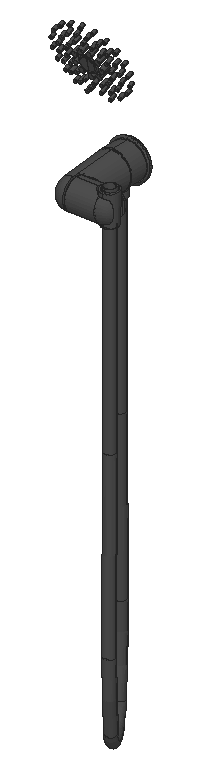
Revit family "Reece_Shower_Posh_Domaine_Handshower_Wall Bracket_3 Function", category Plumbing Fixtures, host Face, Revit 2018
Family settings
  Host = Face
  Round Connector Dimension = Use Diameter
  Part Type = Normal
  Cut with Voids When Loaded = Yes
  Shared = Yes
  Room Calculation Point = Yes
Parameters (values of type "Matte Black")
  URL = "https://www.reece.com.au/product/-2213358"
  Type Comments = "Shower"
  Reece_Shower_Inlet = 12 mm  # constant formula
  Reece_Product_Web Page = "https://www.reece.com.au/product/-2213358"
  Reece_Product_Type = "Shower"  # constant formula
  Reece_Product_Sub Brand = "Domaine"  # constant formula
  Reece_Product_Number = "2213358"
  Reece_Product_Mount = "Wall Mounted"
  Reece_Product_Description = "Posh Domaine Handshower with Water Inlet Wall Bracket 3 Functions Matte Black (4 Star)"
  Reece_Product_Brand = "Posh"  # constant formula
  Reece_Overall_Width = 142 mm  # constant formula
  Reece_Overall_Projection = 116 mm  # constant formula
  Reece_Overall_Diameter = 130 mm  # constant formula
  Reece_Material_Secondary = Reece_Plastic_ABS
  Reece_Material_Main = Reece_Brass_Matte Black
  Reece_Height_From_Level [instance] = 1200 mm
  Reece_Detail_Installation = "Handshower"  # constant formula
  Reece_Detail_Disclaimer = "THIS FILE IS THE PROPERTY OF THE REECE GROUP. IT MAY NOT BE REPRODUCED, REVERSE-ENGINEERED OR MODIFIED. ANY REPUBLICATION, TRANSMISSION OR DISTRIBUTION FOR THE PURPOSE OF COMMERCIALLY EXPLOITING THE FILES IS PROHIBITED."  # constant formula
  Reece_Detail_Additional = "Wall Bracket"  # constant formula
  Model = "Domaine"
  Manufacturer = "Posh"
  Keynote = "Product #2213358, Reece_Shower_Posh_Domaine_Handshower_Wall Bracket_3 Function - Matte Black"
  Disclaimer = "THIS FILE IS THE PROPERTY OF THE REECE GROUP. IT MAY NOT BE REPRODUCED, REVERSE-ENGINEERED OR MODIFIED. ANY REPUBLICATION, TRANSMISSION OR DISTRIBUTION FOR THE PURPOSE OF COMMERCIALLY EXPLOITING THE FILES IS PROHIBITED."  # constant formula
  Description = "Posh Domaine Handshower with Wall Bracket 3 Functions Matte Black (4 Star)"
  Default Elevation = 0 mm
Types (2, lengths in mm): name | URL | Reece_Product_Web Page | Reece_Product_Number | Reece_Product_Description | Reece_Material_Main | Keynote | Description
  Chrome | "https://www.reece.com.au/product/-2213357" | "https://www.reece.com.au/product/-2213357" | "2213357" | "Posh Domaine Handshower with Water Inlet Wall Bracket 3 Functions Chrome (4 Star)" | Reece_Brass_Chrome | "Product #2213357, Reece_Shower_Posh_Domaine_Handshower_Wall Bracket_3 Function - Chrome" | "Posh Domaine Handshower with Wall Bracket 3 Functions Chrome (4 Star)"
  Matte Black | "https://www.reece.com.au/product/-2213358" | "https://www.reece.com.au/product/-2213358" | "2213358" | "Posh Domaine Handshower with Water Inlet Wall Bracket 3 Functions Matte Black (4 Star)" | Reece_Brass_Matte Black | "Product #2213358, Reece_Shower_Posh_Domaine_Handshower_Wall Bracket_3 Function - Matte Black" | "Posh Domaine Handshower with Wall Bracket 3 Functions Matte Black (4 Star)"
Reference planes
  plane 1 "Center (Front/Back)": y = 0
  plane 2 "Height From Floor": z = 1200
  plane 3 "Center (Left/Right)": x = 0
  plane 4 "Bottom Of Invisible Line": z = -5
  plane 5: z = 1215
  plane 6: x = -28.5
  plane 7: x = 113.5
  plane 8: x = -16.5
  plane 9: x = 28.5
Forms (mm)
  Revolve 1, solid, material "Reece_Brass_Matte Black" <- "Reece_Material_Main"
    sketch origin (0, -0.2, 0) x (0, 1, 0) y (0, 0, 1)
      loop
        line (-31.125, 1225.318) -> (-96.205, 1220.953)
        arc (-96.205, 1220.953) -> (-110.138, 1214.344) -> (-115.8, 1200) r 21
        line (-115.8, 1200) -> (-30.5, 1200) -> (-30.5, 1224.733)
        arc (-30.5, 1224.733) -> (-30.686, 1225.161) -> (-31.125, 1225.318) r 0.586
      axis (-30.5, 1200) -> (-115.8, 1200)
    angle from 0 to 360
  Revolve 2, solid, material "Reece_Brass_Matte Black" <- "Reece_Material_Main"
    sketch origin (0, 0, 0) x (0, 1, 0) y (0, 0, 1)
      loop
        line (0, 1228.5) -> (-2.3, 1228.5)
        arc (-2.3, 1228.5) -> (-3.714, 1227.914) -> (-4.3, 1226.5) r 2
        line (-4.3, 1226.5) -> (-4.3, 1225.1) -> (-30.2, 1225.1)
        arc (-30.2, 1225.1) -> (-30.554, 1224.954) -> (-30.7, 1224.6) r 0.5
        line (-30.7, 1224.6) -> (-30.7, 1200) -> (0, 1200) -> (0, 1228.5)
      axis (0, 1200) -> (-30.7, 1200)
    angle from 0 to 360
  Revolve 3, solid, material "Reece_Brass_Matte Black" <- "Reece_Material_Main"
    sketch origin (0, -95, 0) x (1, 0, 0) y (0, 0, 1)
      loop
        line (0, 1200) -> (62.926, 1200)
        arc (62.926, 1200) -> (57.443, 1214.784) -> (42.951, 1221) r 20
        line (42.951, 1221) -> (2.5, 1221)
        arc (2.5, 1221) -> (2.146, 1220.854) -> (2, 1220.5) r 0.5
        line (2, 1220.5) -> (2, 1219.5) -> (0, 1219.5) -> (0, 1200)
      axis (0, 1200) -> (62.926, 1200)
    angle from 0 to 360
  Extrusion 4, void
    sketch origin (152.877, -91.228, 1222.508) x (1, 0, 0) y (0, -0.999994, 0.003563)
      loop
        arc (-98.857, -6.386) -> (-97.031, -5.542) -> (-95.021, -5.486) r 5
        line (-95.021, -5.486) -> (-90.476, -6.288)
        arc (-90.476, -6.288) -> (-85.366, 4.022) -> (-90.097, 14.511) r 13.451
        line (-90.097, 14.511) -> (-95.021, 13.643)
        arc (-95.021, 13.643) -> (-97.031, 13.699) -> (-98.857, 14.542) r 5
        arc (-98.857, 14.542) -> (-119.571, 4.078) -> (-98.857, -6.386) r 13
    from 0 to 45
  Revolve 5, solid, material "Reece_Brass_Matte Black" <- "Reece_Material_Main"
    sketch origin (0, 0, 0) x (0, 1, 0) y (0, 0, 1)
      loop
        line (-18.5, 1183.334) -> (-18.5, 1163.234) -> (-8.5, 1163.234) -> (-8.5, 1171.734) -> (-9.5, 1171.734) -> (-9.5, 1183.334) -> (-18.5, 1183.334)
      axis (-18.5, 1183.334) -> (-18.5, 1163.234)
    angle from 0 to 360
  Revolve 6, solid, material "Reece_Brass_Matte Black" <- "Reece_Material_Main"
    sketch origin (48, -323.097, 18.358) x (0, 0.964998, -0.262259) y (0, 0.262259, 0.964998)
      loop
        line (-104.208, 1219.553) -> (-106.417, 1218.959)
        arc (-106.417, 1218.959) -> (-107.031, 1218.483) -> (-107.118, 1217.711) r 1
        line (-107.118, 1217.711) -> (-95.235, 1177.413)
        arc (-95.235, 1177.413) -> (-94.765, 1176.824) -> (-94.017, 1176.73) r 1
        line (-94.017, 1176.73) -> (-91.937, 1177.288) -> (-97.494, 1198.012) -> (-90.127, 1199.987) -> (-94.151, 1215.003) -> (-102.39, 1212.789) -> (-104.208, 1219.553)
      axis (-84.574, 1179.261) -> (-95.962, 1221.763)
    angle from 0 to 360
  Revolve 7, void
    sketch origin (0, -95, 0) x (1, 0, 0) y (0, 0, 1)
      loop
        line (0, 1222) -> (0, 1200) -> (68.324, 1200) -> (68.324, 1222) -> (0, 1222)
      axis (0, 1200) -> (68.324, 1200)
    angle from 0 to 360
  Sweep 8, solid, material "Reece_Brass_Matte Black" <- "Reece_Material_Main"
    path origin (22.541, -54.529, 0) x (0, 0, 1) y (0.530389, -0.847755, 0)
      loop
        line (1200, 48) -> (900, 48)
        arc (900, 48) -> (776.281, 49.837) -> (652.671, 55.345) r 4167.833
        arc (652.671, 55.345) -> (601.117, 53.074) -> (551.127, 40.267) r 250
        arc (551.127, 40.267) -> (525.007, 3.474) -> (549.779, -34.241) r 40
        arc (549.779, -34.241) -> (606.6, -50.096) -> (665.554, -52.195) r 250
        arc (665.554, -52.195) -> (782.677, -44.925) -> (900, -42.5) r 2839.474
        line (900, -42.5) -> (1200, -42.5)
    profile origin (48, -95.221, 1050) x (0.847755, 0.530389, 0) y (-0.530389, 0.847755, 0)
      loop
        circle (0, 0) r 7.5
Cuts and joins
  Extrusion 4 cuts Revolve 3
  joined: Revolve 2, Revolve 3, Revolve 5, Sweep 8
  Revolve 7 cuts Revolve 1
Lines and regions (mm)
  model lines, style "InvisibleLines"
    curve 1: line (0, 0, -5) -> (0, 0, 1200)
Text (mm)
  text "Reece ©" at (2739.743, -2522.492, 2754.578), in view "Reece Preview"
  text "Reece Copyright © 2018, Reece Ltd." at (-266.965, -260.154, 0), in view "Ref. Level"
Dimensions and locks
  locked: level to plane 4 "Bottom Of Invisible Line" at 5
  "Reece_Height_From_Level": plane 2 "Height From Floor" to level
  locked: plane 5 to plane 2 "Height From Floor" at 15
  "Reece_Overall_Width": plane 6 to nested 1
  "Reece_Overall_Diameter": plane 8 to plane 7
  cut or joined group of Revolve 2, Revolve 3, Extrusion 4, Revolve 5, Sweep 8 to cut or joined group of Revolve 2, Revolve 3, Extrusion 4, Revolve 5, Sweep 8 = 95 mm  (x2)
  cut or joined group of Revolve 2, Revolve 3, Extrusion 4, Revolve 5, Sweep 8 to cut or joined group of Revolve 2, Revolve 3, Extrusion 4, Revolve 5, Sweep 8 = 56.766 mm
  plane 6 to plane 9 = 57 mm
  aligned and locked: Revolve 2 sketch curve to plane 2 "Height From Floor"
  aligned and locked: plane 1 "Center (Front/Back)" to curve 1
  aligned and locked: plane 2 "Height From Floor" to Revolve 1 sketch curve
  aligned and locked: Revolve 3 sketch curve to plane 2 "Height From Floor"
Automatic sketch dimensions
  curve 1 to plane 2 "Height From Floor" = 0 mm
  curve 1 to plane 3 "Center (Left/Right)" = 0 mm
  Revolve 2 sketch curve to plane 2 "Height From Floor" = 0 mm
  Revolve 2 sketch curve to plane 1 "Center (Front/Back)" = 0 mm
  plane 1 "Center (Front/Back)" to Revolve 2 sketch curve = 4.3 mm
  Revolve 2 sketch curve to Revolve 2 sketch curve = 2 mm
  Revolve 2 sketch curve to Revolve 2 sketch curve = 1.4 mm
  plane 1 "Center (Front/Back)" to Revolve 2 sketch curve = 10 mm
  plane 1 "Center (Front/Back)" to Revolve 5 sketch curve = 9.5 mm
  plane 1 "Center (Front/Back)" to Revolve 5 sketch curve = 8.5 mm
  Revolve 5 sketch curve to plane 2 "Height From Floor" = 36.766 mm
  Revolve 5 sketch curve to Revolve 5 sketch curve = 8.5 mm
  Revolve 5 sketch curve to Revolve 5 sketch curve = 11.6 mm
  Revolve 5 sketch curve to Revolve 5 sketch curve = 0 mm
  Revolve 5 sketch curve to Revolve 5 sketch curve = 8.854 mm
  Revolve 5 sketch curve to Revolve 5 sketch curve = 7.963 mm
  plane 2 "Height From Floor" to Revolve 2 sketch curve = 24.6 mm
  Revolve 2 sketch curve to Revolve 2 sketch curve = 25.9 mm
  Revolve 2 sketch curve to Revolve 2 sketch curve = 20.7 mm
  Revolve 2 sketch curve to Revolve 2 sketch curve = 29.3 mm
  Revolve 5 sketch curve to Revolve 5 sketch curve = 10 mm
  curve 1 to plane 4 "Bottom Of Invisible Line" = 0 mm
  Revolve 1 sketch curve to plane 2 "Height From Floor" = 0 mm
  Revolve 1 sketch curve to plane 5 = 10.318 mm
  plane 1 "Center (Front/Back)" to Revolve 1 sketch curve = 31.325 mm
  Revolve 1 sketch curve to Revolve 1 sketch curve = 0.039 mm
  Revolve 1 sketch curve to Revolve 1 sketch curve = 0.586 mm
  Revolve 1 sketch curve to Revolve 1 sketch curve = 29.2 mm
  plane 1 "Center (Front/Back)" to Revolve 1 sketch curve = 10.2 mm
  Revolve 1 sketch curve to plane 5 = 5.953 mm
  Revolve 7 sketch curve to plane 2 "Height From Floor" = 0 mm  (x2)
  Revolve 7 sketch curve to plane 3 "Center (Left/Right)" = 0 mm
  Revolve 7 sketch curve to plane 5 = 7 mm
  plane 7 to Revolve 7 sketch curve = 45.176 mm
  plane 6 to Revolve 7 sketch curve = 11.824 mm
  Revolve 7 sketch curve to Revolve 7 sketch curve = 10 mm
  Revolve 6 to Extrusion 4 sketch curve = 1.693 mm
  Extrusion 4 sketch curve to Revolve 6 = 6.063 mm
  Extrusion 4 sketch curve to Revolve 6 = 8.988 mm  (x2)
  Extrusion 4 sketch curve to Extrusion 4 sketch curve = 0.868 mm  (x2)
  Extrusion 4 sketch curve to Extrusion 4 sketch curve = 4.924 mm  (x3)
  Extrusion 4 sketch curve to Extrusion 4 sketch curve = 9.565 mm
  Extrusion 4 sketch curve to Extrusion 4 sketch curve = 0.189 mm
  Extrusion 4 sketch curve to Extrusion 4 sketch curve = 9.376 mm
  Extrusion 4 sketch curve to Extrusion 4 sketch curve = 0 mm
  Extrusion 4 sketch curve to Extrusion 4 sketch curve = 4.545 mm
  Extrusion 4 sketch curve to Extrusion 4 sketch curve = 0.801 mm
  Revolve 3 sketch curve to plane 3 "Center (Left/Right)" = 0 mm
  Revolve 3 sketch curve to plane 2 "Height From Floor" = 0 mm
  plane 3 "Center (Left/Right)" to Revolve 3 sketch curve = 2 mm
  plane 2 "Height From Floor" to Revolve 3 sketch curve = 1 mm
  plane 3 "Center (Left/Right)" to Revolve 3 sketch curve = 42.951 mm
  Revolve 3 sketch curve to Revolve 3 sketch curve = 19.975 mm
  Revolve 3 sketch curve to Revolve 3 sketch curve = 1.5 mm
  Revolve 3 sketch curve to Revolve 3 sketch curve = 0.5 mm
  plane 6 to Revolve 3 sketch curve = 11.824 mm
  Revolve 3 sketch curve to Revolve 3 sketch curve = 15.398 mm
  plane 2 "Height From Floor" to Sweep 8 sketch curve = 0 mm  (x2)
  Sweep 8 sketch curve to Sweep 8 sketch curve = 300 mm
  Sweep 8 sketch curve to Sweep 8 sketch curve = 0 mm  (x4)
  Sweep 8 sketch curve to Sweep 8 sketch curve = 255.088 mm
  Sweep 8 sketch curve to Sweep 8 sketch curve = 262.164 mm
  Sweep 8 sketch curve to Sweep 8 sketch curve = 72.836 mm
  Sweep 8 sketch curve to Sweep 8 sketch curve = 2687.76 mm
  Sweep 8 sketch curve to Sweep 8 sketch curve = 151.714 mm
  Sweep 8 sketch curve to Sweep 8 sketch curve = 196.964 mm
  Sweep 8 sketch curve to Sweep 8 sketch curve = 90.5 mm
  Sweep 8 sketch curve to Sweep 8 sketch curve = 194.201 mm
  Sweep 8 sketch curve to Sweep 8 sketch curve = 4018.882 mm
  profile plane to Sweep 8 sketch curve = 0 mm
  Sweep 8 sketch curve to profile plane = 0 mm
  Revolve 6 sketch curve to plane 5 = 6.539 mm
  Revolve 6 sketch curve to Revolve 6 sketch curve = 0.7 mm
  Revolve 6 sketch curve to Revolve 6 sketch curve = 0.959 mm  (x2)
  Revolve 6 sketch curve to Revolve 6 sketch curve = 2.21 mm
  Revolve 6 sketch curve to Revolve 6 sketch curve = 3.769 mm
  Revolve 6 sketch curve to Revolve 6 sketch curve = 4.896 mm
  Revolve 6 sketch curve to Revolve 6 sketch curve = 2.259 mm
  Revolve 6 sketch curve to Revolve 6 sketch curve = 8.239 mm
  Revolve 6 sketch curve to Revolve 6 sketch curve = 0.259 mm
  Revolve 6 sketch curve to Revolve 6 sketch curve = 2.08 mm
  Revolve 6 sketch curve to Revolve 6 sketch curve = 7.367 mm
  Revolve 6 sketch curve to Revolve 6 sketch curve = 2.708 mm
  Revolve 6 sketch curve to Revolve 6 sketch curve = 4.922 mm
  Revolve 6 sketch curve to Revolve 6 sketch curve = 15.016 mm
  Revolve 6 sketch curve to Revolve 6 sketch curve = 1.975 mm
  Revolve 6 sketch curve to Revolve 6 sketch curve = 0.966 mm
  Revolve 6 sketch curve to Revolve 6 sketch curve = 7.47 mm
  Revolve 6 sketch curve to Revolve 6 sketch curve = 8.947 mm
  Revolve 6 sketch curve to Revolve 6 sketch curve = 3.936 mm
  Revolve 6 sketch curve to Revolve 6 sketch curve = 5.106 mm
  Revolve 1 sketch curve to Revolve 1 sketch curve = 64.3 mm
  Revolve 1 sketch curve to Revolve 1 sketch curve = 1.405 mm
  plane 1 "Center (Front/Back)" to Revolve 6 sketch curve = 107.11 mm
  radius of Sweep 8 sketch curve = 7.5 mm
Nested families
  nested 1: "Reece_Shower_Posh_Domaine_Shower Handpiece_3 Function_Nested" at (48.123, -95.307, 1215.525) x (1, 0, 0) z (0, 0.0036, 1), Reece_Material_Main <- "Reece_Material_Main", Reece_Material_Secondary <- "Reece_Material_Secondary", type "Chrome"
    with Reece_Material_Secondary Reece_Plastic_ABS, Reece_Material_Main Reece_Brass_Matte Black
Connectors
  piping at (0, 0, 1200), diameter 12, driven by "Reece_Shower_Inlet"
    settings: on cut or joined group of Revolve 2, Revolve 3, Extrusion 4, Revolve 5, Sweep 8, index 1, connector inside diameter 609.6 mm, connector length 0 mm, flow factor 0, pipe flow 0.0 L/s, pressure drop 0.0 Pa, fitting loss kfactor 0, connector angle 0.00°, fixture units 0, engagement length 0 mm, angle of deflection 0.00°, flow configuration 0, flow direction 1, fitting loss method 0, system type 29, joint type 0, gender type 0, connector reference index -1, connector utility 0, adjustable connector no, is connector primary yes, connector description ""
Definition of nested family "Reece_Shower_Posh_Domaine_Shower Handpiece_3 Function_Nested"
  Parameters (values of type "Chrome")
    Waste Connection = no
    WFU = 0
    Vent Connection = no
    URL = ""
    Type Comments = ""
    Reece_Material_Secondary [instance] = none
    Reece_Material_Main [instance] = none
    Model = ""
    Manufacturer = ""
    Keynote = ""
    HWFU = 0
    HW Connection = no
    Description = ""
    Default Elevation = 0 mm
    Cost = 0
    CWFU = 0
    CW Connection = no
    Assembly Code = ""
  Reference planes
    plane 1 "Center (Front/Back)": y = 0
    plane 2: z = 0
    plane 3 "Center (Left/Right)": x = 0
    plane 4: x = -65
    plane 5: x = 65
    plane 6: z = 243
    plane 7: y = 14.326
    plane 8: y = -52.674
  Forms (mm)
    Extrusion 1, solid
      sketch origin (619.2, 20, 0) x (1, 0, 0) y (0, 1, 0)
        loop
          line (-843.153, 203.827) -> (-843.153, -206.911) -> (-435.255, -206.911) -> (-435.255, 203.827) -> (-843.153, 203.827)
      from 0 to -35.776
    Revolve 2, solid, material <- "Reece_Material_Main"
      sketch origin (0, -113.192, 395.542) x (0, -0.326726, 0.945119) y (0, -0.945119, -0.326726)
        loop
          line (-232.077, -0.054) -> (-219.185, -0.054)
          arc (-219.185, -0.054) -> (-220.017, 0.517) -> (-220.637, 1.313) r 3.281
          line (-220.637, 1.313) -> (-221.67, 1.313)
          arc (-221.67, 1.313) -> (-221.708, 1.853) -> (-221.98, 2.322) r 1.204
          line (-221.98, 2.322) -> (-232.077, 2.322) -> (-232.077, -0.054)
        axis (-232.077, -0.054) -> (-232.077, 2.322)
      angle from 0 to 360
    Revolve 3, solid, material <- "Reece_Material_Main"
      sketch origin (0, 0, 0) x (0, 1, 0) y (0, 0, 1)
        loop
          line (7.5, 0) -> (8.5, 0) -> (8.5, 9.664) -> (7.5, 9.664) -> (7.5, 0)
        axis (0, 0) -> (0, 9.664)
      angle from 0 to 360
    Extrusion 4, solid, material <- "Reece_Material_Main", detail levels fine
      sketch origin (0, 113.28, 201.461) x (1, 0, 0) y (0, -0.335757, 0.941949)
        loop
          circle (0, 78.112) r 2.207
      from 141.626 to 147.837
    Extrusion 5, solid, material <- "Reece_Material_Main", detail levels fine
      sketch origin (15.853, 114.123, 199.096) x (1, 0, 0) y (0, -0.335757, 0.941949)
        loop
          circle (0, 78.112) r 2.207
      from 141.626 to 147.837
    Extrusion 6, solid, material <- "Reece_Material_Main", detail levels fine
      sketch origin (0, 120.499, 181.209) x (1, 0, 0) y (0, -0.335757, 0.941949)
        loop
          circle (0, 78.112) r 2.207
      from 141.626 to 150.837
    Extrusion 7, solid, material <- "Reece_Material_Main", detail levels fine
      sketch origin (30.389, 116.61, 192.119) x (1, 0, 0) y (0, -0.335757, 0.941949)
        loop
          circle (0, 78.112) r 2.207
      from 141.626 to 147.837
    Extrusion 8, solid, material <- "Reece_Material_Main", detail levels fine
      sketch origin (41.813, 120.446, 181.359) x (1, 0, 0) y (0, -0.335757, 0.941949)
        loop
          circle (0, 78.112) r 2.207
      from 141.626 to 147.837
    Extrusion 9, solid, material <- "Reece_Material_Main", detail levels fine
      sketch origin (7.246, 117.013, 190.989) x (1, 0, 0) y (0, -0.335757, 0.941949)
        loop
          circle (0, 78.112) r 2.207
      from 141.626 to 149.837
    Extrusion 10, solid, material <- "Reece_Material_Main", detail levels fine
      sketch origin (20.535, 118.678, 186.319) x (1, 0, 0) y (0, -0.335757, 0.941949)
        loop
          circle (0, 78.112) r 2.207
      from 141.626 to 149.837
    Extrusion 11, solid, material <- "Reece_Material_Main", detail levels fine
      sketch origin (11.512, 121.311, 178.931) x (1, 0, 0) y (0, -0.335757, 0.941949)
        loop
          circle (0, 78.112) r 2.207
      from 141.626 to 150.837
    Extrusion 12, solid, material <- "Reece_Material_Main", detail levels fine
      sketch origin (20.995, 123.459, 172.906) x (1, 0, 0) y (0, -0.335757, 0.941949)
        loop
          circle (0, 78.112) r 2.207
      from 141.626 to 150.837
    Extrusion 13, solid, material <- "Reece_Material_Main", detail levels fine
      sketch origin (31.232, 121.7, 177.84) x (1, 0, 0) y (0, -0.335757, 0.941949)
        loop
          circle (0, 78.112) r 2.207
      from 141.626 to 149.837
    Extrusion 14, solid, material <- "Reece_Material_Main", detail levels fine
      sketch origin (38.742, 125.83, 166.254) x (1, 0, 0) y (0, -0.335757, 0.941949)
        loop
          circle (0, 78.112) r 2.207
      from 141.626 to 149.837
    Extrusion 15, solid, material <- "Reece_Material_Main", detail levels fine
      sketch origin (27.823, 126.744, 163.69) x (1, 0, 0) y (0, -0.335757, 0.941949)
        loop
          circle (0, 78.112) r 2.207
      from 141.626 to 150.837
    Extrusion 16, solid, material <- "Reece_Material_Main", detail levels fine
      sketch origin (15.853, 94.8, 253.308) x (1, 0, 0) y (0, -0.335757, 0.941949)
        loop
          circle (0, -78.112) r 2.207
      from 141.626 to 149.837
    Extrusion 17, solid, material <- "Reece_Material_Main", detail levels fine
      sketch origin (0, 88.424, 271.195) x (1, 0, 0) y (0, -0.335757, 0.941949)
        loop
          circle (0, -78.112) r 2.207
      from 141.626 to 151.837
    Extrusion 18, solid, material <- "Reece_Material_Main", detail levels fine
      sketch origin (30.389, 92.313, 260.285) x (1, 0, 0) y (0, -0.335757, 0.941949)
        loop
          circle (0, -78.112) r 2.207
      from 141.626 to 148.837
    Extrusion 19, solid, material <- "Reece_Material_Main", detail levels fine
      sketch origin (41.813, 88.477, 271.045) x (1, 0, 0) y (0, -0.335757, 0.941949)
        loop
          circle (0, -78.112) r 2.207
      from 141.626 to 147.837
    Extrusion 20, solid, material <- "Reece_Material_Main", detail levels fine
      sketch origin (7.246, 91.91, 261.415) x (1, 0, 0) y (0, -0.335757, 0.941949)
        loop
          circle (0, -78.112) r 2.207
      from 141.626 to 151.837
    Extrusion 21, solid, material <- "Reece_Material_Main", detail levels fine
      sketch origin (20.535, 90.245, 266.085) x (1, 0, 0) y (0, -0.335757, 0.941949)
        loop
          circle (0, -78.112) r 2.207
      from 141.626 to 150.837
    Extrusion 22, solid, material <- "Reece_Material_Main", detail levels fine
      sketch origin (11.512, 87.612, 273.473) x (1, 0, 0) y (0, -0.335757, 0.941949)
        loop
          circle (0, -78.112) r 2.207
      from 141.626 to 151.837
    Extrusion 23, solid, material <- "Reece_Material_Main", detail levels fine
      sketch origin (20.995, 85.464, 279.498) x (1, 0, 0) y (0, -0.335757, 0.941949)
        loop
          circle (0, -78.112) r 2.207
      from 141.626 to 150.837
    Extrusion 24, solid, material <- "Reece_Material_Main", detail levels fine
      sketch origin (31.232, 87.223, 274.564) x (1, 0, 0) y (0, -0.335757, 0.941949)
        loop
          circle (0, -78.112) r 2.207
      from 141.626 to 149.837
    Extrusion 25, solid, material <- "Reece_Material_Main", detail levels fine
      sketch origin (49.242, 83.715, 284.406) x (1, 0, 0) y (0, -0.335757, 0.941949)
        loop
          circle (0, -78.112) r 2.207
      from 141.626 to 147.837
    Extrusion 26, solid, material <- "Reece_Material_Main", detail levels fine
      sketch origin (38.742, 83.093, 286.15) x (1, 0, 0) y (0, -0.335757, 0.941949)
        loop
          circle (0, -78.112) r 2.207
      from 141.626 to 149.837
    Extrusion 27, solid, material <- "Reece_Material_Main", detail levels fine
      sketch origin (27.823, 82.179, 288.714) x (1, 0, 0) y (0, -0.335757, 0.941949)
        loop
          circle (0, -78.112) r 2.207
      from 141.626 to 150.837
    Extrusion 28, solid, material <- "Reece_Material_Main", detail levels fine
      sketch origin (30.133, 130.623, 152.806) x (1, 0, 0) y (0, -0.335757, 0.941949)
        loop
          circle (0, 78.112) r 2.207
      from 141.626 to 150.837
    Extrusion 29, solid, material <- "Reece_Material_Main", detail levels fine
      sketch origin (41.096, 130.623, 152.806) x (1, 0, 0) y (0, -0.335757, 0.941949)
        loop
          circle (0, 78.112) r 2.207
      from 141.626 to 149.837
    Extrusion 30, solid, material <- "Reece_Material_Main", detail levels fine
      sketch origin (51.599, 130.623, 152.806) x (1, 0, 0) y (0, -0.335757, 0.941949)
        loop
          circle (0, 78.112) r 2.207
      from 141.626 to 147.837
    Extrusion 31, solid, material <- "Reece_Material_Main", detail levels fine
      sketch origin (-15.853, 114.123, 199.096) x (-1, 0, 0) y (0, 0.335757, -0.941949)
        loop
          circle (0, -78.112) r 2.207
      from 141.626 to 147.837
    Extrusion 32, solid, material <- "Reece_Material_Main", detail levels fine
      sketch origin (-30.389, 116.61, 192.119) x (-1, 0, 0) y (0, 0.335757, -0.941949)
        loop
          circle (0, -78.112) r 2.207
      from 141.626 to 147.837
    Extrusion 33, solid, material <- "Reece_Material_Main", detail levels fine
      sketch origin (-41.813, 120.446, 181.359) x (-1, 0, 0) y (0, 0.335757, -0.941949)
        loop
          circle (0, -78.112) r 2.207
      from 141.626 to 147.837
    Extrusion 34, solid, material <- "Reece_Material_Main", detail levels fine
      sketch origin (-7.246, 117.013, 190.989) x (-1, 0, 0) y (0, 0.335757, -0.941949)
        loop
          circle (0, -78.112) r 2.207
      from 141.626 to 149.837
    Extrusion 35, solid, material <- "Reece_Material_Main", detail levels fine
      sketch origin (-20.535, 118.678, 186.319) x (-1, 0, 0) y (0, 0.335757, -0.941949)
        loop
          circle (0, -78.112) r 2.207
      from 141.626 to 149.837
    Extrusion 36, solid, material <- "Reece_Material_Main", detail levels fine
      sketch origin (-11.512, 121.311, 178.931) x (-1, 0, 0) y (0, 0.335757, -0.941949)
        loop
          circle (0, -78.112) r 2.207
      from 141.626 to 150.837
    Extrusion 37, solid, material <- "Reece_Material_Main", detail levels fine
      sketch origin (-20.995, 123.459, 172.906) x (-1, 0, 0) y (0, 0.335757, -0.941949)
        loop
          circle (0, -78.112) r 2.207
      from 141.626 to 150.837
    Extrusion 38, solid, material <- "Reece_Material_Main", detail levels fine
      sketch origin (-31.232, 121.7, 177.84) x (-1, 0, 0) y (0, 0.335757, -0.941949)
        loop
          circle (0, -78.112) r 2.207
      from 141.626 to 149.837
    Extrusion 39, solid, material <- "Reece_Material_Main", detail levels fine
      sketch origin (-49.242, 125.208, 167.998) x (-1, 0, 0) y (0, 0.335757, -0.941949)
        loop
          circle (0, -78.112) r 2.207
      from 141.626 to 147.837
    Extrusion 40, solid, material <- "Reece_Material_Main", detail levels fine
      sketch origin (-38.742, 125.83, 166.254) x (-1, 0, 0) y (0, 0.335757, -0.941949)
        loop
          circle (0, -78.112) r 2.207
      from 141.626 to 149.837
    Extrusion 41, solid, material <- "Reece_Material_Main", detail levels fine
      sketch origin (-27.823, 126.744, 163.69) x (-1, 0, 0) y (0, 0.335757, -0.941949)
        loop
          circle (0, -78.112) r 2.207
      from 141.626 to 150.837
    Extrusion 42, solid, material <- "Reece_Material_Main", detail levels fine
      sketch origin (-15.853, 94.8, 253.308) x (-1, 0, 0) y (0, 0.335757, -0.941949)
        loop
          circle (0, 78.112) r 2.207
      from 141.626 to 149.837
    Extrusion 43, solid, material <- "Reece_Material_Main", detail levels fine
      sketch origin (-30.389, 92.313, 260.285) x (-1, 0, 0) y (0, 0.335757, -0.941949)
        loop
          circle (0, 78.112) r 2.207
      from 141.626 to 148.837
    Extrusion 44, solid, material <- "Reece_Material_Main", detail levels fine
      sketch origin (-41.813, 88.477, 271.045) x (-1, 0, 0) y (0, 0.335757, -0.941949)
        loop
          circle (0, 78.112) r 2.207
      from 141.626 to 147.837
    Extrusion 45, solid, material <- "Reece_Material_Main", detail levels fine
      sketch origin (-7.246, 91.91, 261.415) x (-1, 0, 0) y (0, 0.335757, -0.941949)
        loop
          circle (0, 78.112) r 2.207
      from 141.626 to 151.837
    Extrusion 46, solid, material <- "Reece_Material_Main", detail levels fine
      sketch origin (-20.535, 90.245, 266.085) x (-1, 0, 0) y (0, 0.335757, -0.941949)
        loop
          circle (0, 78.112) r 2.207
      from 141.626 to 151.837
    Extrusion 47, solid, material <- "Reece_Material_Main", detail levels fine
      sketch origin (-20.995, 85.464, 279.498) x (-1, 0, 0) y (0, 0.335757, -0.941949)
        loop
          circle (0, 78.112) r 2.207
      from 141.626 to 151.837
    Extrusion 48, solid, material <- "Reece_Material_Main", detail levels fine
      sketch origin (-31.232, 87.223, 274.564) x (-1, 0, 0) y (0, 0.335757, -0.941949)
        loop
          circle (0, 78.112) r 2.207
      from 141.626 to 150.837
    Extrusion 49, solid, material <- "Reece_Material_Main", detail levels fine
      sketch origin (-49.242, 83.715, 284.406) x (-1, 0, 0) y (0, 0.335757, -0.941949)
        loop
          circle (0, 78.112) r 2.207
      from 141.626 to 147.837
    Extrusion 50, solid, material <- "Reece_Material_Main", detail levels fine
      sketch origin (-38.742, 83.093, 286.15) x (-1, 0, 0) y (0, 0.335757, -0.941949)
        loop
          circle (0, 78.112) r 2.207
      from 141.626 to 149.837
    Extrusion 51, solid, material <- "Reece_Material_Main", detail levels fine
      sketch origin (-27.823, 82.179, 288.714) x (-1, 0, 0) y (0, 0.335757, -0.941949)
        loop
          circle (0, 78.112) r 2.207
      from 141.626 to 150.837
    Extrusion 52, solid, material <- "Reece_Material_Main", detail levels fine
      sketch origin (-30.133, 130.623, 152.806) x (-1, 0, 0) y (0, 0.335757, -0.941949)
        loop
          circle (0, -78.112) r 2.207
      from 141.626 to 150.837
    Extrusion 53, solid, material <- "Reece_Material_Main", detail levels fine
      sketch origin (-41.096, 130.623, 152.806) x (-1, 0, 0) y (0, 0.335757, -0.941949)
        loop
          circle (0, -78.112) r 2.207
      from 141.626 to 149.837
    Extrusion 54, solid, material <- "Reece_Material_Main", detail levels fine
      sketch origin (-51.599, 130.623, 152.806) x (-1, 0, 0) y (0, 0.335757, -0.941949)
        loop
          circle (0, -78.112) r 2.207
      from 141.626 to 147.837
    Extrusion 55, solid, material <- "Reece_Material_Main", detail levels fine
      sketch origin (6.831, 124.506, 169.97) x (1, 0, 0) y (0, -0.335757, 0.941949)
        loop
          circle (8.883, 68.967) r 3.52
        loop
          circle (10.967, 56.864) r 3.52
      from 141.626 to 151.837
    Extrusion 56, solid, material <- "Reece_Material_Main", detail levels fine
      sketch origin (-6.831, 124.506, 169.97) x (-1, 0, 0) y (0, 0.335757, -0.941949)
        loop
          circle (8.883, -68.967) r 3.52
        loop
          circle (10.967, -56.864) r 3.52
      from 141.626 to 151.837
    Extrusion 57, solid, material <- "Reece_Material_Main", detail levels fine
      sketch origin (6.604, 124.546, 169.857) x (1, 0, 0) y (0, -0.335757, 0.941949)
        loop
          circle (-0.404, 76.966) r 3.648
      from 141.626 to 151.837
    Extrusion 58, solid, material <- "Reece_Material_Main", detail levels fine
      sketch origin (-6.604, 124.546, 169.857) x (-1, 0, 0) y (0, 0.335757, -0.941949)
        loop
          circle (-0.404, -76.966) r 3.648
      from 141.626 to 151.837
    Extrusion 59, solid, material <- "Reece_Material_Main", detail levels fine
      sketch origin (-12.028, 83.216, 285.806) x (-1, 0, 0) y (0, 0.335757, -0.941949)
        loop
          circle (-0.404, 76.966) r 3.648
      from 141.626 to 151.837
    Extrusion 60, solid, material <- "Reece_Material_Main", detail levels fine
      sketch origin (11.298, 83.221, 285.79) x (-1, 0, 0) y (0, 0.335757, -0.941949)
        loop
          circle (-0.404, 76.966) r 3.648
      from 141.626 to 151.837
    Extrusion 61, solid, material <- "Reece_Material_Main", detail levels fine
      sketch origin (-0.533, 84.667, 281.734) x (-1, 0, 0) y (0, 0.335757, -0.941949)
        loop
          circle (-0.404, 76.966) r 3.648
      from 141.626 to 151.837
    Extrusion 62, solid, material <- "Reece_Material_Main", detail levels fine
      sketch origin (49.242, 125.208, 167.998) x (1, 0, 0) y (0, -0.335757, 0.941949)
        loop
          circle (0, 78.112) r 2.207
      from 141.626 to 147.837
    Extrusion 63, solid, material <- "Reece_Material_Main", detail levels fine
      sketch origin (-11.668, 87.823, 272.881) x (1, 0, 0) y (0, -0.335757, 0.941949)
        loop
          circle (0, -78.112) r 2.207
      from 141.626 to 151.837
  Lines and regions (mm)
    symbolic lines
      curve 1: line (0, -13.826, 9.784) -> (0, -12.549, 80.706)
      curve 2: arc (0, -12.549, 80.706) -> (0, -12.683, 92.01) -> (0, -13.49, 103.286) r 189.436
      curve 3: arc (0, -52.704, 240.362) -> (0, -46.768, 206.732) -> (0, -37.914, 173.75) r 390.174
      curve 4: line (0, 14.326, 9.664) -> (0, 14.326, 59.664)
      curve 5: arc (0, 14.326, 59.664) -> (0, -0.462, 155.778) -> (0, -43.46, 243) r 319.727
      curve 6: line (0, -43.46, 243) -> (0, -52.704, 240.362)
      curve 7: arc (0, -18.749, 124.513) -> (0, -40.187, 181.092) -> (0, -52.694, 240.289) r 393.37
      curve 8: line (0, 14.326, 9.664) -> (0, -14.041, 9.789)
  Text (mm)
    text "Reece Copyright © 2018, Reece Ltd." at (-503.099, -301.138, 0), in view "Ref. Level"
    text "Reece ©" at (290.323, 26.521, 334.836), in view "Reece_Preview"
  Dimensions and locks
    aligned and locked: plane 2 to Extrusion 1
    aligned and locked: level to Extrusion 1
